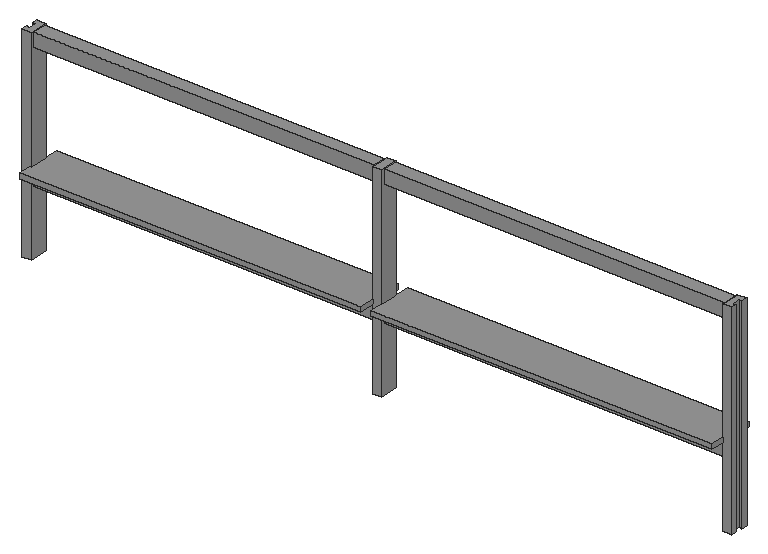
Revit family "GD10 1600-2400 Self", category Furniture, Revit 2016
Family settings
  OmniClass Number = 23.40.20.00
  OmniClass Title = General Furniture and Specialties
  Work Plane-Based = No
  Always vertical = Yes
  Cut with Voids When Loaded = No
  Shared = No
  Room Calculation Point = No
Parameters (values of type "4000 Shelf")
  Width = 4000 mm
  URL = "www.gof.co.uk"
  Range = "GD10"
  Product Code = "4000 Shelf"
  Manufacturer = "Gresham Office Furniture"  # constant formula
  Height = 742 mm
  Frame = Gresham - SOLID OAK
  Depth = 900 mm
  Assembly Code = "E2020200"
Types (3, lengths in mm): name | Width | Product Code
  (no name) | 4000 | "4000 Shelf"
  3000 Shelf | 3000 | "3000 Shelf"
  4000 Shelf | 4000 | "4000 Shelf"
Reference planes
  plane 1 "Center (Front/Back)": y = 0
  plane 2: z = 0
  plane 3 "Center (Left/Right)": x = 0
  plane 4: x = 2000
  plane 5: x = -2000
  plane 6: y = 450
  plane 7: y = -450
  plane 8 "Table Underside": z = 717
  plane 9 "Height": z = 742
  plane 10: z = 1847
  plane 11 "Shelf Height": z = 1197
Forms (mm)
  Extrusion 1, solid, material "Gresham - SOLID OAK" <- "Frame"
    sketch origin (1921.939, -1524, 742) x (0, -1, 0) y (-1, 0, 0)
      loop
        line (-1474, 3846.939) -> (-1505, 3846.939) -> (-1505, 3831.939) -> (-1543, 3831.939) -> (-1543, 3846.939) -> (-1574, 3846.939) -> (-1574, 3796.939) -> (-1474, 3796.939) -> (-1474, 3846.939)
      loop
        line (-1474, -3.061) -> (-1474, 46.939) -> (-1574, 46.939) -> (-1574, -3.061) -> (-1543, -3.061) -> (-1543, 11.939) -> (-1505, 11.939) -> (-1505, -3.061) -> (-1474, -3.061)
      loop
        line (-1474, 1946.939) -> (-1574, 1946.939) -> (-1574, 1896.939) -> (-1474, 1896.939) -> (-1474, 1946.939)
    from 0 to -1105
  Extrusion 2, solid, material "Gresham - SOLID OAK" <- "Frame"
    sketch origin (0, 0, 0) x (0, 1, 0) y (0, 0, 1)
      loop
        line (125, 1197) -> (-125, 1197) -> (-125, 1172) -> (-37.5, 1172) -> (-37.5, 1097) -> (-27.5, 1097) -> (-27.5, 1122) -> (27.5, 1122) -> (27.5, 1097) -> (37.5, 1097) -> (37.5, 1172) -> (125, 1172) -> (125, 1197)
    from -1875 to -25
  Extrusion 3, solid, material "Gresham - SOLID OAK" <- "Frame"
    sketch origin (0, 0, 590) x (0, 1, 0) y (0, 0, 1)
      loop
        line (-37.5, 1257) -> (-37.5, 1182) -> (-27.5, 1182) -> (-27.5, 1207) -> (27.5, 1207) -> (27.5, 1182) -> (37.5, 1182) -> (37.5, 1257) -> (-37.5, 1257)
    from -1875 to -25
  Extrusion 4, solid, material "Gresham - SOLID OAK" <- "Frame"
    sketch origin (0, 0, 0) x (0, 1, 0) y (0, 0, -1)
      loop
        line (125, -1197) -> (125, -1172) -> (37.5, -1172) -> (37.5, -1097) -> (27.5, -1097) -> (27.5, -1122) -> (-27.5, -1122) -> (-27.5, -1097) -> (-37.5, -1097) -> (-37.5, -1172) -> (-125, -1172) -> (-125, -1197) -> (125, -1197)
    from -1875 to -25
  Extrusion 5, solid, material "Gresham - SOLID OAK" <- "Frame"
    sketch origin (0, 0, 590) x (0, 1, 0) y (0, 0, -1)
      loop
        line (-37.5, -1257) -> (37.5, -1257) -> (37.5, -1182) -> (27.5, -1182) -> (27.5, -1207) -> (-27.5, -1207) -> (-27.5, -1182) -> (-37.5, -1182) -> (-37.5, -1257)
    from -1875 to -25
Dimensions and locks
  equal spacing: plane 5, plane 3 "Center (Left/Right)", plane 4
  "Width": plane 5 to plane 4
  plane 7 to plane 6 = 900 mm
  "Height": plane 9 "Height" to level
  locked: plane 9 "Height" to plane 8 "Table Underside" at 25
  locked: Extrusion 1 sketch curve to Extrusion 1 sketch curve at 100  (x2)
  locked: Extrusion 1 sketch curve to Extrusion 1 sketch curve at 38  (x2)
  Extrusion 1 sketch curve to Extrusion 1 sketch curve = 100 mm  (x2)
  locked: plane 10 to plane 9 "Height" at 1105
  locked: Extrusion 1 to Extrusion 1 at 50  (x3)
  locked: Extrusion 1 to Extrusion 1 at 100  (x2)
  locked: plane 5 to Extrusion 1 at 75
  locked: Extrusion 1 to plane 4 at 75
  locked: plane 11 "Shelf Height" to plane 9 "Height" at 455
  locked: Extrusion 2 to Extrusion 2 at 10  (x2)
  locked: Extrusion 2 to Extrusion 2 at 25  (x2)
  locked: Extrusion 2 to Extrusion 2 at 75
  locked: Extrusion 2 to Extrusion 2 at 250
  locked: Extrusion 2 to Extrusion 2 at 87.5  (x2)
  locked: Extrusion 3 to Extrusion 3 at 10  (x2)
  locked: Extrusion 3 to Extrusion 3 at 25
  locked: Extrusion 3 to Extrusion 3 at 75  (x2)
  locked: Extrusion 3 to Extrusion 3 at 50
  locked: plane 3 "Center (Left/Right)" to Extrusion 1 at 25
  locked: Extrusion 1 to plane 1 "Center (Front/Back)" at 50
  locked: Extrusion 4 to Extrusion 4 at 10  (x2)
  locked: Extrusion 4 to Extrusion 4 at 25  (x2)
  locked: Extrusion 4 to Extrusion 4 at 75
  locked: Extrusion 4 to Extrusion 4 at 250
  locked: Extrusion 4 to Extrusion 4 at 87.5  (x2)
  locked: Extrusion 5 to Extrusion 5 at 10  (x2)
  locked: Extrusion 5 to Extrusion 5 at 25
  locked: Extrusion 5 to Extrusion 5 at 75  (x2)
  locked: Extrusion 5 to Extrusion 5 at 50
  equal spacing: plane 7, plane 1 "Center (Front/Back)", plane 6
  aligned and locked: level to plane 2
  aligned and locked: Extrusion 2 to Extrusion 1  (x2)
  aligned and locked: Extrusion 3 to plane 10
  aligned and locked: Extrusion 3 to Extrusion 1  (x2)
  aligned and locked: Extrusion 4 to Extrusion 1  (x2)
  aligned and locked: Extrusion 5 to Extrusion 1  (x2)
Automatic sketch dimensions
  Extrusion 1 sketch curve to plane 1 "Center (Front/Back)" = 50 mm  (x3)
  Extrusion 1 sketch curve to plane 1 "Center (Front/Back)" = 19 mm  (x2)
  plane 1 "Center (Front/Back)" to Extrusion 1 sketch curve = 50 mm
  plane 5 to Extrusion 1 sketch curve = 75 mm
  Extrusion 1 sketch curve to Extrusion 1 sketch curve = 0 mm
  Extrusion 1 sketch curve to Extrusion 1 sketch curve = 15 mm  (x3)
  Extrusion 1 sketch curve to Extrusion 1 sketch curve = 35 mm  (x2)
  Extrusion 1 sketch curve to plane 3 "Center (Left/Right)" = 25 mm
  plane 3 "Center (Left/Right)" to Extrusion 1 sketch curve = 25 mm
  Extrusion 1 sketch curve to plane 4 = 125 mm
  Extrusion 2 sketch curve to plane 11 "Shelf Height" = 0 mm
  plane 1 "Center (Front/Back)" to Extrusion 2 sketch curve = 125 mm
  plane 1 "Center (Front/Back)" to Extrusion 2 sketch curve = 37.5 mm
  Extrusion 2 sketch curve to Extrusion 2 sketch curve = 10 mm  (x2)
  Extrusion 2 sketch curve to plane 1 "Center (Front/Back)" = 27.5 mm
  Extrusion 2 sketch curve to plane 11 "Shelf Height" = 25 mm  (x2)
  Extrusion 2 sketch curve to Extrusion 2 sketch curve = 87.5 mm
  Extrusion 2 sketch curve to Extrusion 2 sketch curve = 50 mm
  Extrusion 2 sketch curve to Extrusion 2 sketch curve = 25 mm  (x2)
  plane 10 to Extrusion 3 sketch curve = 0 mm
  plane 1 "Center (Front/Back)" to Extrusion 3 sketch curve = 37.5 mm
  Extrusion 3 sketch curve to Extrusion 3 sketch curve = 10 mm
  Extrusion 3 sketch curve to plane 1 "Center (Front/Back)" = 27.5 mm
  Extrusion 3 sketch curve to plane 1 "Center (Front/Back)" = 37.5 mm
  plane 10 to Extrusion 3 sketch curve = 50 mm
  Extrusion 3 sketch curve to Extrusion 3 sketch curve = 25 mm  (x2)
  Extrusion 4 sketch curve to plane 11 "Shelf Height" = 0 mm
  plane 1 "Center (Front/Back)" to Extrusion 4 sketch curve = 125 mm
  plane 1 "Center (Front/Back)" to Extrusion 4 sketch curve = 37.5 mm
  Extrusion 4 sketch curve to Extrusion 4 sketch curve = 10 mm  (x2)
  Extrusion 4 sketch curve to plane 1 "Center (Front/Back)" = 27.5 mm
  Extrusion 4 sketch curve to plane 11 "Shelf Height" = 25 mm  (x2)
  Extrusion 4 sketch curve to Extrusion 4 sketch curve = 87.5 mm
  Extrusion 4 sketch curve to Extrusion 4 sketch curve = 50 mm
  Extrusion 4 sketch curve to Extrusion 4 sketch curve = 25 mm  (x2)
  plane 10 to Extrusion 5 sketch curve = 0 mm
  plane 1 "Center (Front/Back)" to Extrusion 5 sketch curve = 37.5 mm
  Extrusion 5 sketch curve to Extrusion 5 sketch curve = 10 mm
  Extrusion 5 sketch curve to plane 1 "Center (Front/Back)" = 27.5 mm
  Extrusion 5 sketch curve to plane 1 "Center (Front/Back)" = 37.5 mm
  plane 10 to Extrusion 5 sketch curve = 50 mm
  Extrusion 5 sketch curve to Extrusion 5 sketch curve = 25 mm  (x2)
